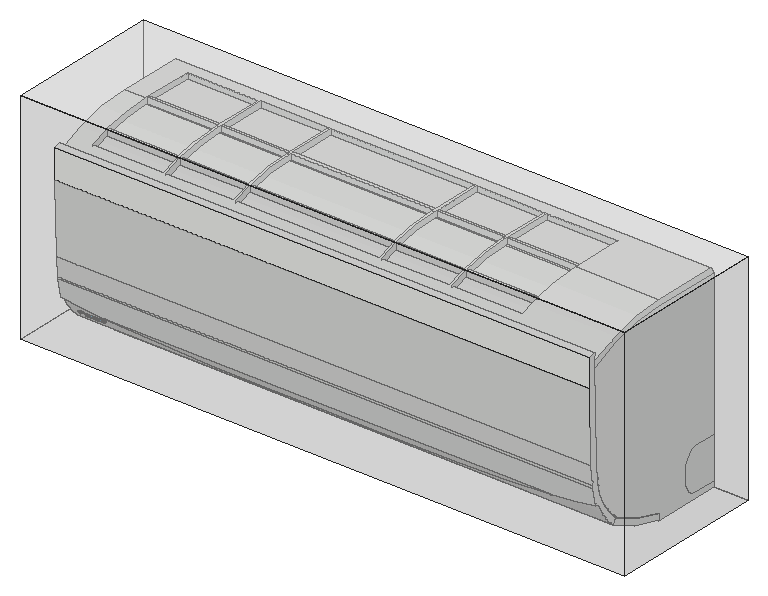
Revit family "outputfile", category 機械設備, Revit 2024
Family settings
  丸型コネクタ寸法 = 半径を使用
  パーツ タイプ = 標準
  OmniClass 番号 = 23.75.10.24.21.27.27
  OmniClass タイトル = Split System Air Conditioning Units
  作業面ベース = いいえ
  常に垂直 = はい
  ロード時にボイドで切り取り = いいえ
  注釈の向きを維持 = いいえ
  共有 = いいえ
  部屋計算ポイント = いいえ
Parameters (values of type "CTKC25RVMV")
  Description = ""
  書き出し IFC クラス(タイプ) = "IfcUnitaryEquipmentType"
  定義済み IFC タイプ(タイプ) = "AIRCONDITIONINGUNIT"
  Cost = 0
  Type Comments = ""
  Keynote = ""
  Type Image = (empty or 0)
  Assembly Code = ""
  w_wall hole = if(Width = 770.0 mm, 48.0 mm, 60.0 mm)  # 48.0 mm
  製造元 = "Daikin"
  モデル = "CTKC25RVMV"
  switch_frequency = yes
  r_Liquid Pipe Size = Liquid Pipe Size / 2  # 3.2 mm
  r_Gas Pipe Size = Gas Pipe Size / 2  # 4.75 mm
  r_Drain Pipe Size = Drain Pipe Size / 2  # 8.0 mm
  lw_powersupply [instance] = if(Width = 770.0 mm, if(or(Rear Right Connection_refrigerant, Bottom Right Connection_refrigerant), 25.0 mm, if(or(Rear Left Connection_refrigerant, Bottom Left Connection_refrigerant), 745.0 mm, 400.0 mm)), if(Width = 990.0 mm, if(or(Rear Right Connection_refrigerant, Bottom Right Connection_refrigerant), 40.0 mm, if(or(Rear Left Connection_refrigerant, Bottom Left Connection_refrigerant), 920.0 mm, 400.0 mm)), if(or(Rear Right Connection_refrigerant, Bottom Right Connection_refrigerant), 40.0 mm, if(or(Rear Left Connection_refrigerant, Bottom Left Connection_refrigerant), 920.0 mm, 400.0 mm))))  # 400.0 mm
  lw_liquidpipe [instance] = if(Width = 770.0 mm, if(or(Rear Right Connection_refrigerant, Bottom Right Connection_refrigerant), 0.0 mm, if(or(Rear Left Connection_refrigerant, Bottom Left Connection_refrigerant), 664.0 mm, 385.0 mm)), if(Width = 990.0 mm, if(or(Rear Right Connection_refrigerant, Bottom Right Connection_refrigerant), 0.0 mm, if(or(Rear Left Connection_refrigerant, Bottom Left Connection_refrigerant), 664.0 mm + (990.0 mm - 770.0 mm), 475.0 mm)), if(or(Rear Right Connection_refrigerant, Bottom Right Connection_refrigerant), 0.0 mm, if(or(Rear Left Connection_refrigerant, Bottom Left Connection_refrigerant), 664.0 mm + (990.0 mm - 770.0 mm), 475.0 mm))))  # 385.0 mm
  lw_gaspipe [instance] = if(Width = 770.0 mm, if(or(Rear Right Connection_refrigerant, Bottom Right Connection_refrigerant), 0.0 mm, if(or(Rear Left Connection_refrigerant, Bottom Left Connection_refrigerant), 675.0 mm, if(Gas Pipe Size = 12.7 mm, 345.0 mm, 335.0 mm))), if(Width = 990.0 mm, if(or(Rear Right Connection_refrigerant, Bottom Right Connection_refrigerant), 10.0 mm, if(or(Rear Left Connection_refrigerant, Bottom Left Connection_refrigerant), 890.0 mm, if(Gas Pipe Size = 15.9 mm, 410.0 mm, 400.0 mm))), if(or(Rear Right Connection_refrigerant, Bottom Right Connection_refrigerant), 10.0 mm, if(or(Rear Left Connection_refrigerant, Bottom Left Connection_refrigerant), 890.0 mm, if(Gas Pipe Size = 15.9 mm, 410.0 mm, 400.0 mm)))))  # 335.0 mm
  lw_drainpipe [instance] = if(Width = 770.0 mm, if(or(Rear Right Connection_refrigerant, Bottom Right Connection_refrigerant), 0.0 mm, if(or(Rear Left Connection_refrigerant, Bottom Left Connection_refrigerant), 770.0 mm - 48.0 mm - 48.0 mm, 440.0 mm)), if(Width = 990.0 mm, if(or(Rear Right Connection_refrigerant, Bottom Right Connection_refrigerant), 0.0 mm, if(or(Rear Left Connection_refrigerant, Bottom Left Connection_refrigerant), 675.0 mm + (990.0 mm - 770.0 mm), 435.0 mm)), if(or(Rear Right Connection_refrigerant, Bottom Right Connection_refrigerant), 0.0 mm, if(or(Rear Left Connection_refrigerant, Bottom Left Connection_refrigerant), 675.0 mm + (990.0 mm - 770.0 mm), 435.0 mm))))  # 440.0 mm
  l_powersupply_length [instance] = if(Width = 770.0 mm, if(Right Connection_refrigerant, 400.0 mm, if(Left Connection_refrigerant, 770.0 mm - 400.0 mm, if(or(Rear Left Connection_refrigerant, Rear Right Connection_refrigerant), 15.0 mm, 50.0 mm))), if(Width = 990.0 mm, if(Right Connection_refrigerant, 400.0 mm, if(Left Connection_refrigerant, 990.0 mm - 400.0 mm, if(or(Rear Left Connection_refrigerant, Rear Right Connection_refrigerant), 15.0 mm, 50.0 mm))), if(Right Connection_refrigerant, 400.0 mm, if(Left Connection_refrigerant, 990.0 mm - 400.0 mm, if(or(Rear Left Connection_refrigerant, Rear Right Connection_refrigerant), 15.0 mm, 50.0 mm)))))  # 400.0 mm
  l_liquidpipe_length [instance] = if(Width = 770.0 mm, if(Right Connection_refrigerant, 433.0 mm, if(Left Connection_refrigerant, 337.0 mm, if(or(Rear Left Connection_refrigerant, Rear Right Connection_refrigerant), 30.0 mm, 40.0 mm))), if(Width = 990.0 mm, if(Right Connection_refrigerant, 535.0 mm, if(Left Connection_refrigerant, 455.0 mm, if(or(Rear Left Connection_refrigerant, Rear Right Connection_refrigerant), 30.0 mm, 40.0 mm))), if(Right Connection_refrigerant, 535.0 mm, if(Left Connection_refrigerant, 455.0 mm, if(or(Rear Left Connection_refrigerant, Rear Right Connection_refrigerant), 30.0 mm, 40.0 mm)))))  # 433.0 mm
  l_gaspipe_length [instance] = if(Width = 770.0 mm, if(Right Connection_refrigerant, if(Gas Pipe Size = 12.7 mm, 393.0 mm, 383.0 mm), if(Left Connection_refrigerant, if(Gas Pipe Size = 12.7 mm, 770.0 mm - 393.0 mm, 770.0 mm - 383.0 mm), if(or(Rear Left Connection_refrigerant, Rear Right Connection_refrigerant), 40.0 mm, 50.0 mm))), if(Width = 990.0 mm, if(Right Connection_refrigerant, if(Gas Pipe Size = 15.9 mm, 470.0 mm, 460.0 mm), if(Left Connection_refrigerant, if(Gas Pipe Size = 15.9 mm, 990.0 mm - 470.0 mm, 990.0 mm - 460.0 mm), if(or(Rear Left Connection_refrigerant, Rear Right Connection_refrigerant), 40.0 mm, 50.0 mm))), if(Right Connection_refrigerant, if(Gas Pipe Size = 15.9 mm, 470.0 mm, 460.0 mm), if(Left Connection_refrigerant, if(Gas Pipe Size = 15.9 mm, 990.0 mm - 470.0 mm, 990.0 mm - 460.0 mm), if(or(Rear Left Connection_refrigerant, Rear Right Connection_refrigerant), 40.0 mm, 50.0 mm)))))  # 383.0 mm
  l_drainpipe_length [instance] = if(Width = 770.0 mm, if(Right Connection_refrigerant, 488.0 mm, if(Left Connection_refrigerant, 282.0 mm, if(or(Rear Left Connection_refrigerant, Rear Right Connection_refrigerant), 15.0 mm, 20.0 mm))), if(Width = 990.0 mm, if(Right Connection_refrigerant, 495.0 mm, if(Left Connection_refrigerant, 495.0 mm, if(or(Rear Left Connection_refrigerant, Rear Right Connection_refrigerant), 15.0 mm, 20.0 mm))), if(Right Connection_refrigerant, 495.0 mm, if(Left Connection_refrigerant, 495.0 mm, if(or(Rear Left Connection_refrigerant, Rear Right Connection_refrigerant), 15.0 mm, 20.0 mm)))))  # 488.0 mm
  h*** = 0.0 mm  # constant formula
  connector_voltage = Voltage_50Hz  # 230 V
  connector_powerinput = [Power Input (Cooling)]  # 0.000 kW
  connector_phase = Phase_50Hz  # 1
  angle_vertical [instance] = if(or(Bottom Left Connection_refrigerant, Bottom Right Connection_refrigerant), 0.00°, 90.00°)  # 90.00°
  angle_horizontal [instance] = if(Right Connection_refrigerant, 90.00°, if(Left Connection_refrigerant, -90.00°, if(or(Rear Left Connection_refrigerant, Rear Right Connection_refrigerant), 180.00°, 0.00°)))  # 90.00°
  Width = 770.0 mm
  Voltage_comment_50Hz = "220 - 240"
  Voltage_50Hz = 230 V
  Version = "ver.1.0"
  Unit Type = "Wall Mounted"
  Unit Mass Weight = 9.00 kg
  Unit Designation [instance] = ""
  Uniclass2015Version = "Products v1.30"
  Uniclass2015Title = "Split coil room air conditioning units"
  Uniclass2015Code = "Pr_70_65_03_86"
  URL = ""
  Total Cooling Capacity [instance] = 0.000 kW
  Sound Pressure Level_M speed (dBA) = 33
  Sound Pressure Level_L speed (dBA) = 25
  Sound Pressure Level_H speed (dBA) = 38
  Sound Power Level_H speed (dB) = 0
  Series = "Multi Split_Fan Coil Unit"
  Sensible Cooling Capacity [instance] = 0.000 kW
  Refrigerant Type = "R32"
  Power Input (Cooling) = 0.000 kW
  Phase_50Hz = 1
  Option Accessory 3 [instance] = ""
  Option Accessory 2 [instance] = ""
  Option Accessory 1 [instance] = ""
  Nominal Cooling Capacity = 2.500 kW
  Minimum Circuit Amps_50Hz = 0.0 A
  Minimum Airflow = 396.00 m³/h
  Median Airflow = 540.00 m³/h
  Maximum Fuse Amps_50Hz = 0.0 A
  Maximum Airflow = 660.00 m³/h
  Material_Casing = DAIKIN_White_Casing_indoorunit
  Load Classification = HVAC
  Liquid Pipe Size = 6.4 mm
  Link_Nested Family [instance] = ""
  IfcVersion = ""
  IfcExportType = "AIRCONDITIONINGUNIT"
  IfcExportAs = "IfcUnitaryEquipmentType"
  Height = 285.0 mm
  Heat Exchanger Type = "Cross Fin Coil"
  Gas Pipe Size = 9.5 mm
  Frequency_50Hz = 50 Hz
  Fan Type = "Cross Flow Fan"
  Fan Drive = "Direct Drive"
  FCU Tag No. [instance] = ""
  Drain Pipe Size = 16.0 mm
  Design Supply Airflow [instance] = 0.00 m³/h
  Depth = 223.0 mm
  既定の高さ = 0.0 mm
  Cooling Entering Wet Bulb Temperature [instance] = 0.00 °C
  Cooling Entering Dry Bulb Temperature [instance] = 0.00 °C
  Cooling Ambient Wet Bulb Temperature [instance] = 0.00 °C
  Cooling Ambient Dry Bulb Temperature [instance] = 0.00 °C
  Clearance visibility [instance] = yes
  Clearance Top = 30.0 mm
  Clearance Right = 50.0 mm
  Clearance Rear = 0.0 mm
  Clearance Left = 50.0 mm
  Clearance Front = 0.0 mm
  Clearance Bottom = 0.0 mm
  Bottom Right Connection_refrigerant [instance] = no
  Bottom Left Connection_refrigerant [instance] = no
  Rear Right Connection_refrigerant [instance] = no
  Rear Left Connection_refrigerant [instance] = no
  Right Connection_refrigerant [instance] = yes
  Left Connection_refrigerant [instance] = no
Reference planes
  plane 1 "Back": y = 0
  plane 2: z = 0
  plane 3 "Center (Left/Right)": x = 0
  plane 4 "Center (Front/Back)": y = -111.5
  plane 5 "Front": y = -223
  plane 6 "Left": x = -385
  plane 7 "Right": x = 385
  plane 8 "Top": z = 0
  plane 9 "Bottom": z = -285
  plane 10: x = -435
  plane 11: x = 435
  plane 12: y = 0
  plane 13: y = -223
  plane 14: z = 30
  plane 15: z = -285
  plane 16 "lw_Piping and Wiring intake": x = 337
  plane 17 "lw_gaspipe": x = 2
  plane 18 "lw_liquidpipe": x = -48
  plane 19 "lw_drainpipe": x = -103
  plane 20 "lh_drainpipe": z = -265
  plane 21 "lh_liquidpipe": z = -245
  plane 22 "lh_gaspipe": z = -235
  plane 23 "ld_drainpipe": y = -15
  plane 24 "ld_liquidpipe": y = -30
  plane 25 "ld_gaspipe": y = -40
  plane 26 "lw_powersupply": x = -15
Dimensions and locks
  equal spacing: plane 6 "Left", plane 3 "Center (Left/Right)", plane 7 "Right"
  "Width": plane 6 "Left" to plane 7 "Right"
  equal spacing: plane 5 "Front", plane 4 "Center (Front/Back)", plane 1 "Back"
  "Depth": plane 5 "Front" to plane 1 "Back"
  "Height": plane 8 "Top" to plane 9 "Bottom"
  "Clearance Rear": plane 12 to plane 1 "Back"
  "Clearance Front": plane 13 to plane 5 "Front"
  "Clearance Top": plane 14 to plane 8 "Top"
  "Clearance Bottom": plane 9 "Bottom" to plane 15
  "w_wall hole": plane 16 "lw_Piping and Wiring intake" to plane 7 "Right"
  "lw_gaspipe": plane 17 "lw_gaspipe" to plane 16 "lw_Piping and Wiring intake"
  "lw_liquidpipe": plane 18 "lw_liquidpipe" to plane 16 "lw_Piping and Wiring intake"
  "lw_drainpipe": plane 19 "lw_drainpipe" to plane 16 "lw_Piping and Wiring intake"
  locked: plane 20 "lh_drainpipe" to plane 9 "Bottom" at 20
  locked: plane 21 "lh_liquidpipe" to plane 9 "Bottom" at 40
  locked: plane 22 "lh_gaspipe" to plane 9 "Bottom" at 50
  locked: plane 23 "ld_drainpipe" to plane 1 "Back" at 15
  locked: plane 1 "Back" to plane 24 "ld_liquidpipe" at 30
  locked: plane 1 "Back" to plane 25 "ld_gaspipe" at 40
  "lw_powersupply": plane 26 "lw_powersupply" to plane 7 "Right"
  "Clearance Right": plane 7 "Right" to plane 11
  "Clearance Left": plane 10 to plane 6 "Left"
  aligned and locked: level to plane 2
  aligned and locked: plane 12 to nested 1
  aligned and locked: nested 1 to plane 13
  aligned and locked: plane 10 to nested 1
  aligned and locked: plane 11 to nested 1
  aligned and locked: plane 15 to nested 1
  aligned and locked: plane 14 to nested 1
  aligned and locked: plane 17 "lw_gaspipe" to nested 2
  aligned and locked: nested 2 to plane 25 "ld_gaspipe"
  aligned and locked: plane 18 "lw_liquidpipe" to nested 3
  aligned and locked: nested 3 to plane 24 "ld_liquidpipe"
  aligned and locked: plane 19 "lw_drainpipe" to nested 4
  aligned and locked: nested 4 to plane 23 "ld_drainpipe"
  aligned and locked: nested 5 to plane 23 "ld_drainpipe"
  aligned and locked: plane 26 "lw_powersupply" to nested 5
  aligned and locked: level to plane 8 "Top"
  aligned and locked: plane 3 "Center (Left/Right)" to nested 6
  aligned and locked: plane 1 "Back" to nested 6
  aligned and locked: plane 8 "Top" to nested 6
Nested families
  nested 1: "daikin_clearancespace" at (0, -111.5, -127.381), show <- "Clearance visibility", visible <- "Clearance visibility", Link_Nested Family <- "Link_Nested Family", type "daikin_clearancespace"
    with width 870.0 mm, show yes, height 315.0 mm, depth 223.0 mm, Link_Nested Family ""
  nested 2: "daikin_connector_rotate3" at (2, -40, -235), angle_vertical <- "angle_vertical", angle_horizontal <- "angle_horizontal", length <- "l_gaspipe_length", radius <- "r_Gas Pipe Size", type "daikin_connector_rotate3"
    with show no, radius 4.75 mm, length 383.0 mm, angle_vertical 90.00°, angle_horizontal 90.00°
  nested 3: "daikin_connector_rotate3" at (-48, -30, -245), angle_vertical <- "angle_vertical", angle_horizontal <- "angle_horizontal", radius <- "r_Liquid Pipe Size", length <- "l_liquidpipe_length", type "daikin_connector_rotate3"
    with show no, radius 3.2 mm, length 433.0 mm, angle_vertical 90.00°, angle_horizontal 90.00°
  nested 4: "daikin_connector_rotate3" at (-103, -15, -265), angle_vertical <- "angle_vertical", angle_horizontal <- "angle_horizontal", length <- "l_drainpipe_length", radius <- "r_Drain Pipe Size", type "daikin_connector_rotate3"
    with show no, radius 8.0 mm, length 488.0 mm, angle_vertical 90.00°, angle_horizontal 90.00°
  nested 5: "daikin_connector_rotate3" at (-15, -15, -235), angle_vertical <- "angle_vertical", angle_horizontal <- "angle_horizontal", length <- "l_powersupply_length", type "daikin_connector_rotate3"
    with show no, radius 10.0 mm, length 400.0 mm, angle_vertical 90.00°, angle_horizontal 90.00°
  nested 6: "DAIKIN_indoorunit_CTKC-RVMV" at (-31, 0, 0), type "CTKC-RVMV"
Connectors
  piping at (385, -40, -235), diameter 9.5, driven by "r_Gas Pipe Size"
    settings: on nested 2, index 1, connector inside diameter 609.6 mm, connector length 0.0 mm, flow factor 0, pipe flow 0.00 m³/h, pressure drop 0.0 Pa, fitting loss kfactor 0, connector angle 0.00°, fixture units 0, engagement length 0.0 mm, angle of deflection 0.00°, flow configuration 1, flow direction 2, fitting loss method 0, system type 29, joint type 0, gender type 0, connector reference index -1, connector utility 0, adjustable connector no, is connector primary yes, connector description "Refrigerant Gas Piping"
  piping at (385, -30, -245), diameter 6.4, driven by "r_Liquid Pipe Size"
    settings: on nested 3, index 2, connector inside diameter 609.6 mm, connector length 0.0 mm, flow factor 0, pipe flow 0.00 m³/h, pressure drop 0.0 Pa, fitting loss kfactor 0, connector angle 0.00°, fixture units 0, engagement length 0.0 mm, angle of deflection 0.00°, flow configuration 1, flow direction 1, fitting loss method 0, system type 29, joint type 0, gender type 0, connector reference index -1, connector utility 0, adjustable connector no, is connector primary no, connector description "Refrigerant Liquid Piping"
  piping at (385, -15, -265), diameter 16, driven by "r_Drain Pipe Size"
    settings: on nested 4, index 3, connector inside diameter 609.6 mm, connector length 0.0 mm, flow factor 0, pipe flow 0.00 m³/h, pressure drop 0.0 Pa, fitting loss kfactor 0, connector angle 0.00°, fixture units 0, engagement length 0.0 mm, angle of deflection 0.00°, flow configuration 1, flow direction 2, fitting loss method 4, system type 16, joint type 0, gender type 0, connector reference index -1, connector utility 0, adjustable connector no, is connector primary no, connector description "Condensate Drain Piping"
  electrical at (385, -15, -235), driven by "Load Classification", driven by "connector_phase", driven by "connector_voltage", driven by "connector_powerinput"
    settings: on nested 5, index 4, voltage 230 V, apparent load 0 VA, apparent load phase1 0 VA, apparent load phase2 0 VA, apparent load phase3 0 VA, power factor 1, load classification "HVAC", number of poles 1, system type 30, power factor state 1, is connector primary yes, connector utility no, sub classification motor no, connector description "Power Supply"
Definition of nested family "daikin_clearancespace"
  Parameters (values of type "daikin_clearancespace")
    Description = "daikin_clearancespace"
    width [instance] = 1823.963 mm
    show [instance] = yes
    material = none
    height [instance] = 1359.762 mm
    depth [instance] = 880.0 mm
    Default Elevation = 0.0 mm
    Link_Nested Family [instance] = ""
  Reference planes
    plane 1 "Center (Front/Back)": y = 0
    plane 2 "Center (Elevation)": z = -0.119
    plane 3 "Center (Left/Right)": x = 0
    plane 4: y = 440
    plane 5: y = -440
    plane 6 "Right": x = 911.982
    plane 7 "Left": x = -911.982
    plane 8 "Top": z = 679.762
    plane 9 "Bottom": z = -680
  Forms (mm)
    Extrusion 1, solid, material <- "material", visible <- "show"
      sketch origin (0, 0, 0) x (1, 0, 0) y (0, 1, 0)
        loop
          line (-911.982, 440) -> (-911.982, -440) -> (911.982, -440) -> (911.982, 440) -> (-911.982, 440)
      from -680 to 679.762
  Lines and regions (mm)
    symbolic lines, visible <- "show"
      curve 1: line (911.982, 440, 0) -> (-911.982, 440, 0)
      curve 2: line (-911.982, 440, 0) -> (-911.982, -440, 0)
      curve 3: line (-911.982, -440, 0) -> (911.982, -440, 0)
      curve 4: line (911.982, -440, 0) -> (911.982, 440, 0)
      curve 5: line (911.982, 0, 679.762) -> (-911.982, 0, 679.762)
      curve 6: line (911.982, 0, -680) -> (911.982, 0, 679.762)
      curve 7: line (-911.982, 0, -680) -> (911.982, 0, -680)
      curve 8: line (-911.982, 0, 679.762) -> (-911.982, 0, -680)
      curve 9: line (0, 440, 679.762) -> (0, -440, 679.762)
      curve 10: line (0, -440, 679.762) -> (0, -440, -680)
      curve 11: line (0, 440, -680) -> (0, 440, 679.762)
      curve 12: line (0, -440, -680) -> (0, 440, -680)
  Dimensions and locks
    "width": plane 7 "Left" to plane 6 "Right"
    "depth": plane 4 to plane 5
    "height": plane 8 "Top" to plane 9 "Bottom"
    equal spacing: plane 7 "Left", plane 3 "Center (Left/Right)", plane 6 "Right"
    equal spacing: plane 4, plane 1 "Center (Front/Back)", plane 5
    equal spacing: plane 8 "Top", plane 2 "Center (Elevation)", plane 9 "Bottom"
    aligned and locked: level to plane 2 "Center (Elevation)"
    aligned and locked: Extrusion 1 sketch curve to plane 4
    aligned and locked: plane 7 "Left" to Extrusion 1 sketch curve
    aligned and locked: Extrusion 1 sketch curve to plane 5
    aligned and locked: Extrusion 1 sketch curve to plane 6 "Right"
    aligned and locked: plane 8 "Top" to Extrusion 1
    aligned and locked: curve 1 to Extrusion 1
    aligned and locked: curve 2 to Extrusion 1
    aligned and locked: curve 3 to Extrusion 1
    aligned and locked: curve 4 to Extrusion 1
    aligned and locked: curve 5 to Extrusion 1
    aligned and locked: curve 6 to Extrusion 1
    aligned and locked: curve 7 to Extrusion 1
    aligned and locked: curve 8 to Extrusion 1
    aligned and locked: curve 9 to Extrusion 1
    aligned and locked: curve 10 to Extrusion 1
    aligned and locked: curve 11 to Extrusion 1
    aligned and locked: curve 12 to Extrusion 1
    aligned and locked: Extrusion 1 to plane 9 "Bottom"
Definition of nested family "DAIKIN_indoorunit_CTKC-RVMV"
  Parameters (values of type "FTKM-QVMA")
    Material_Casing = none
    Default Elevation = 0.0 mm
  Reference planes
    plane 1 "Center (Front/Back)": y = 0
    plane 2 "reference_level": z = 0
    plane 3 "Center (Left/Right)": x = 31
    plane 4: x = -354
    plane 5: x = 416
    plane 6: z = -285
  Forms (mm)
    Extrusion 1, solid, material <- "Material_Casing"
      sketch origin (29, 0, 0) x (0, 1, 0) y (0, 0, 1)
        loop
          line (-5, 0) -> (-98, 0)
          arc (-98, 0) -> (-157.611, -7.211) -> (-213.783, -28.427) r 250
          arc (-213.783, -28.427) -> (-213.842, -32.972) -> (-213.892, -37.516) r 2191
          arc (-213.892, -37.516) -> (-157.832, -15.495) -> (-98.07, -8) r 242
          line (-98.07, -8) -> (0, -8) -> (-5, 0)
      from -383 to 387
    Extrusion 2, solid, material <- "Material_Casing"
      sketch origin (416, 1296.25, 1200) x (0, 1, 0) y (0, 0, 1)
        loop
          line (-1472.998, -1446.91) -> (-1476.998, -1453.839)
          arc (-1476.998, -1453.839) -> (-1437.481, -1472.422) -> (-1395.25, -1483.538) r 240
          line (-1395.25, -1483.538) -> (-1395.25, -1475.422)
          arc (-1395.25, -1475.422) -> (-1435.407, -1464.663) -> (-1472.998, -1446.91) r 232
      from 0 to -47.5
    Extrusion 3, solid, material <- "Material_Casing"
      sketch origin (29, 0, 0) x (0, 1, 0) y (0, 0, 1)
        loop
          arc (-223, -60.455) -> (-222.414, -110.646) -> (-220.656, -160.81) r 2149.92
          arc (-220.656, -160.81) -> (-219.65, -174.299) -> (-217.853, -187.706) r 229.911
          arc (-217.853, -187.706) -> (-205.371, -223.594) -> (-181.517, -253.17) r 111
          line (-181.517, -253.17) -> (-177.429, -246.093)
          arc (-177.429, -246.093) -> (-198.77, -218.989) -> (-209.965, -186.36) r 103
          arc (-209.965, -186.36) -> (-211.681, -173.586) -> (-212.651, -160.735) r 221.844
          arc (-212.651, -160.735) -> (-214.739, -93.233) -> (-214.74, -25.699) r 2186.828
          arc (-214.74, -25.699) -> (-214.671, -21.467) -> (-214.594, -17.235) r 2192
          line (-214.594, -17.235) -> (-223, -19.961) -> (-223, -60.455)
      from -383 to 387
    Extrusion 4, solid, material <- "Material_Casing"
      sketch origin (29, 0, 0) x (0, 1, 0) y (0, 0, 1)
        loop
          line (-181.517, -253.17) -> (-179.597, -249.846)
          arc (-179.597, -249.846) -> (-202.009, -221.399) -> (-213.189, -186.952) r 103
          line (-213.189, -186.952) -> (-217.853, -187.706)
          arc (-217.853, -187.706) -> (-217.533, -189.556) -> (-217.182, -191.4) r 111
          arc (-217.182, -191.4) -> (-213.806, -208.181) -> (-210.362, -224.948) r 4257.809
          arc (-210.362, -224.948) -> (-198.886, -237.857) -> (-186.225, -249.607) r 180
          line (-186.225, -249.607) -> (-181.517, -253.17)
      from -383 to 387
    Extrusion 5, solid, material <- "Material_Casing"
      sketch origin (29, 0, -20) x (0, 1, 0) y (0, 0, 1)
        loop
          line (0, -265) -> (0, 12) -> (-98.07, 12)
          arc (-98.07, 12) -> (-157.832, 4.505) -> (-213.892, -17.516) r 242
          arc (-213.892, -17.516) -> (-213.638, -79.114) -> (-211.653, -140.681) r 2191
          arc (-211.653, -140.681) -> (-210.685, -153.501) -> (-208.973, -166.243) r 221
          arc (-208.973, -166.243) -> (-197.471, -199.282) -> (-175.482, -226.491) r 102
          arc (-175.482, -226.491) -> (-138.004, -244.019) -> (-98, -254.579) r 231
          line (-98, -254.579) -> (-98, -265) -> (0, -265)
      from -383 to 387
    Extrusion 6, solid, material <- "Material_Casing"
      sketch origin (-354, 1296.25, 1200) x (0, 1, 0) y (0, 0, 1)
        loop
          line (-1472.998, -1446.91) -> (-1476.998, -1453.839)
          arc (-1476.998, -1453.839) -> (-1437.481, -1472.422) -> (-1395.25, -1483.538) r 240
          line (-1395.25, -1483.538) -> (-1395.25, -1475.422)
          arc (-1395.25, -1475.422) -> (-1435.407, -1464.663) -> (-1472.998, -1446.91) r 232
      from 47 to 0
    Extrusion 7, solid, material <- "Material_Casing"
      sketch origin (416, 1296.25, 1200) x (0, 1, 0) y (0, 0, 1)
        loop
          line (-1472.998, -1446.91) -> (-1476.998, -1453.839)
          arc (-1476.998, -1453.839) -> (-1443.437, -1470.168) -> (-1407.75, -1481.097) r 240
          line (-1407.75, -1481.097) -> (-1407.75, -1472.894)
          arc (-1407.75, -1472.894) -> (-1441.363, -1462.385) -> (-1472.998, -1446.91) r 232
      from -116.993 to -48.493
    Extrusion 8, solid, material <- "Material_Casing"
      sketch origin (416, 1296.25, 1200) x (0, 1, 0) y (0, 0, 1)
        loop
          line (-1472.998, -1446.91) -> (-1476.998, -1453.839)
          arc (-1476.998, -1453.839) -> (-1443.437, -1470.168) -> (-1407.75, -1481.097) r 240
          line (-1407.75, -1481.097) -> (-1407.75, -1472.894)
          arc (-1407.75, -1472.894) -> (-1441.363, -1462.385) -> (-1472.998, -1446.91) r 232
      from -717 to -121.993
    Extrusion 9, void
      sketch origin (31, 0, -235) x (1, 0, 0) y (0, 1, 0)
        loop
          line (-252.674, -22.316) -> (-354.941, -22.316) -> (-354.941, -91.341) -> (-252.674, -91.341) -> (-252.674, -22.316)
        loop
          line (-249.341, -91.341) -> (-151.574, -91.341) -> (-151.574, -22.316) -> (-249.341, -22.316) -> (-249.341, -91.341)
        loop
          line (58.309, -22.316) -> (-148.309, -22.316) -> (-148.309, -91.341) -> (58.309, -91.341) -> (58.309, -22.316)
        loop
          line (61.689, -22.316) -> (61.689, -91.341) -> (159.457, -91.341) -> (159.457, -22.316) -> (61.689, -22.316)
        loop
          line (162.789, -22.316) -> (162.789, -91.341) -> (265.057, -91.341) -> (265.057, -22.316) -> (162.789, -22.316)
        loop
          line (-354.941, -94.659) -> (-354.941, -165.259) -> (-252.674, -165.259) -> (-252.674, -94.659) -> (-354.941, -94.659)
        loop
          line (-249.341, -94.659) -> (-249.341, -165.259) -> (-151.574, -165.259) -> (-151.574, -94.659) -> (-249.341, -94.659)
        loop
          line (-148.309, -94.659) -> (-148.309, -165.259) -> (58.309, -165.259) -> (58.309, -94.659) -> (-148.309, -94.659)
        loop
          line (61.689, -94.659) -> (61.689, -165.259) -> (159.457, -165.259) -> (159.457, -94.659) -> (61.689, -94.659)
        loop
          line (162.789, -94.659) -> (162.789, -165.259) -> (265.057, -165.259) -> (265.057, -94.659) -> (162.789, -94.659)
        loop
          line (-354.941, -167.382) -> (-354.941, -192.681) -> (-252.674, -192.681) -> (-252.674, -167.382) -> (-354.941, -167.382)
        loop
          line (-249.341, -167.382) -> (-249.341, -192.681) -> (-151.574, -192.681) -> (-151.574, -167.382) -> (-249.341, -167.382)
        loop
          line (-148.309, -167.382) -> (-148.309, -192.681) -> (58.309, -192.681) -> (58.309, -167.382) -> (-148.309, -167.382)
        loop
          line (159.457, -167.382) -> (61.689, -167.382) -> (61.689, -192.681) -> (159.457, -192.681) -> (159.457, -167.382)
        loop
          line (265.057, -167.382) -> (162.789, -167.382) -> (162.789, -192.681) -> (265.057, -192.681) -> (265.057, -167.382)
      from 201.638 to 250
    Extrusion 10, void
      sketch origin (31, 0, 0) x (1, 0, 0) y (0, 0, 1)
        loop
          arc (597, -174.907) -> (0.056, -245.263) -> (-597, -175.856) r 2585.042
          line (-597, -175.856) -> (-597, -352.872) -> (597, -352.872) -> (597, -174.907)
      from 173 to 315.3
    Extrusion 11, solid, material <- "Material_Casing"
      sketch origin (31, 0, 0) x (1, 0, 0) y (0, 0, 1)
        loop
          circle (337, -240.5) r 32.5
        loop
          circle (-337, -240.5) r 32.5
      from 0 to 5
    Extrusion 12, solid, material <- "Material_Casing"
      sketch origin (416, 1296.25, 1200) x (0, -1, 0) y (0, 0, 1)
        loop
          line (1326.25, -1417) -> (1296.25, -1417) -> (1296.25, -1477) -> (1326.25, -1477)
          arc (1326.25, -1477) -> (1340.393, -1471.142) -> (1346.25, -1457) r 20
          line (1346.25, -1457) -> (1346.25, -1437)
          arc (1346.25, -1437) -> (1340.393, -1422.858) -> (1326.25, -1417) r 20
      from 0 to 5
    Extrusion 13, solid, material <- "Material_Casing"
      sketch origin (-354, 1296.25, 1200) x (0, 1, 0) y (0, 0, 1)
        loop
          line (-1296.25, -1417) -> (-1326.25, -1417)
          arc (-1326.25, -1417) -> (-1340.393, -1422.858) -> (-1346.25, -1437) r 20
          line (-1346.25, -1437) -> (-1346.25, -1457)
          arc (-1346.25, -1457) -> (-1340.393, -1471.142) -> (-1326.25, -1477) r 20
          line (-1326.25, -1477) -> (-1296.25, -1477) -> (-1296.25, -1417)
      from 0 to 5
    Extrusion 14, solid, material <- "Material_Casing"
      sketch origin (31, 0, -285) x (-1, 0, 0) y (0, -1, 0)
        loop
          line (-314, 0) -> (-314, 30)
          arc (-314, 30) -> (-319.858, 44.142) -> (-334, 50) r 20
          line (-334, 50) -> (-354, 50)
          arc (-354, 50) -> (-368.142, 44.142) -> (-374, 30) r 20
          line (-374, 30) -> (-374, 0) -> (-314, 0)
        loop
          line (374, 0) -> (374, 30)
          arc (374, 30) -> (368.142, 44.142) -> (354, 50) r 20
          line (354, 50) -> (334, 50)
          arc (334, 50) -> (319.858, 44.142) -> (314, 30) r 20
          line (314, 30) -> (314, 0) -> (374, 0)
      from 0 to 5
  Cuts and joins
    Extrusion 9 cuts Extrusion 1
    Extrusion 10 cuts Extrusion 4
    joined: Extrusion 3, Extrusion 4
  Lines and regions (mm)
    reference lines
      curve 1: line (-523, -201.911, -229.404) -> (-523, -193.542, -239.977)
  Dimensions and locks
    locked: Extrusion 10 sketch curve to Extrusion 10 sketch curve at 1194
    Extrusion 10 sketch curve to Extrusion 10 sketch curve = 1194.0 mm
    locked: Extrusion 12 sketch curve to Extrusion 12 sketch curve at 60
    locked: Extrusion 12 sketch curve to Extrusion 12 sketch curve at 50
    locked: Extrusion 14 sketch curve to Extrusion 14 sketch curve at 60  (x2)
    locked: Extrusion 14 sketch curve to Extrusion 14 sketch curve at 50
    equal spacing: plane 5, plane 3 "Center (Left/Right)", plane 4
    plane 5 to plane 4 = 770.0 mm
    locked: Extrusion 11 sketch curve to plane 4 at 48
    plane 5 to Extrusion 11 sketch curve = 48.0 mm
    plane 2 "reference_level" to plane 6 = 285.0 mm
    locked: Extrusion 11 sketch curve to plane 6 at 44.5  (x2)
    locked: cut or joined group of Extrusion 3, Extrusion 4, Extrusion 10 to nested 1 at 15
    diameter of Extrusion 11 sketch curve = 65.0 mm  (x2)
    aligned and locked: level to plane 2 "reference_level"
    aligned and locked: nested 1 to curve 1
    aligned and locked: Extrusion 13 sketch curve to Extrusion 12  (x4)
    aligned and locked: Extrusion 14 sketch curve to Extrusion 14 sketch curve  (x2)
    aligned and locked: Extrusion 11 to plane 1 "Center (Front/Back)"
  Automatic sketch dimensions
    Extrusion 10 sketch curve to plane 3 "Center (Left/Right)" = 597.0 mm
    Extrusion 10 sketch curve to plane 3 "Center (Left/Right)" = 2.0 mm
    Extrusion 10 sketch curve to level = 352.872 mm
    Extrusion 10 sketch curve to level = 175.856 mm
    Extrusion 10 sketch curve to level = 174.907 mm
    curve 1 to level = 239.977 mm
    plane 1 "Center (Front/Back)" to curve 1 = 193.542 mm
    curve 1 to curve 1 = 10.573 mm
    curve 1 to curve 1 = 8.368 mm
    Extrusion 1 sketch curve to level = 0.0 mm
    Extrusion 1 sketch curve to plane 1 "Center (Front/Back)" = 0.0 mm
    plane 1 "Center (Front/Back)" to Extrusion 1 sketch curve = 5.0 mm
    plane 1 "Center (Front/Back)" to Extrusion 1 sketch curve = 98.0 mm
    Extrusion 1 sketch curve to Extrusion 1 sketch curve = 0.07 mm
    Extrusion 1 sketch curve to level = 59.292 mm
    Extrusion 1 sketch curve to plane 1 "Center (Front/Back)" = 1977.0 mm
    Extrusion 1 sketch curve to level = 250.0 mm
    Extrusion 1 sketch curve to Extrusion 1 sketch curve = 0.0 mm
    Extrusion 1 sketch curve to level = 8.0 mm
    Extrusion 1 sketch curve to level = 28.427 mm
    plane 1 "Center (Front/Back)" to Extrusion 2 sketch curve = 180.748 mm
    Extrusion 2 sketch curve to Extrusion 2 sketch curve = 4.0 mm
    Extrusion 2 sketch curve to Extrusion 2 sketch curve = 77.747 mm
    plane 1 "Center (Front/Back)" to Extrusion 2 sketch curve = 59.279 mm
    Extrusion 2 sketch curve to Extrusion 2 sketch curve = 0.0 mm
    Extrusion 2 sketch curve to level = 283.538 mm
    Extrusion 2 sketch curve to Extrusion 2 sketch curve = 8.116 mm
    Extrusion 2 sketch curve to Extrusion 2 sketch curve = 21.583 mm
    Extrusion 2 sketch curve to Extrusion 2 sketch curve = 6.929 mm
    Extrusion 3 sketch curve to level = 19.961 mm
    plane 1 "Center (Front/Back)" to Extrusion 3 sketch curve = 223.0 mm
    Extrusion 3 sketch curve to level = 17.235 mm
    Extrusion 3 sketch curve to Extrusion 3 sketch curve = 8.406 mm
    plane 1 "Center (Front/Back)" to Extrusion 3 sketch curve = 181.517 mm
    Extrusion 3 sketch curve to Extrusion 3 sketch curve = 4.087 mm
    Extrusion 3 sketch curve to Extrusion 3 sketch curve = 69.11 mm
    Extrusion 3 sketch curve to Extrusion 3 sketch curve = 0.001 mm
    Extrusion 3 sketch curve to plane 1 "Center (Front/Back)" = 8.955 mm
    Extrusion 3 sketch curve to Extrusion 3 sketch curve = 0.067 mm
    Extrusion 3 sketch curve to level = 60.455 mm
    Extrusion 3 sketch curve to Extrusion 3 sketch curve = 1917.898 mm
    Extrusion 3 sketch curve to Extrusion 3 sketch curve = 44.907 mm
    Extrusion 3 sketch curve to Extrusion 3 sketch curve = 5.172 mm
    Extrusion 3 sketch curve to level = 150.456 mm
    Extrusion 3 sketch curve to Extrusion 3 sketch curve = 0.006 mm
    Extrusion 3 sketch curve to Extrusion 3 sketch curve = 19.265 mm
    Extrusion 3 sketch curve to Extrusion 3 sketch curve = 0.004 mm
    Extrusion 3 sketch curve to Extrusion 3 sketch curve = 76.368 mm
    Extrusion 3 sketch curve to Extrusion 3 sketch curve = 7.077 mm
    Extrusion 3 sketch curve to Extrusion 3 sketch curve = 1.002 mm
    Extrusion 3 sketch curve to Extrusion 3 sketch curve = 0.046 mm
    Extrusion 3 sketch curve to Extrusion 3 sketch curve = 8.005 mm
    Extrusion 3 sketch curve to Extrusion 3 sketch curve = 0.147 mm
    Extrusion 3 sketch curve to Extrusion 3 sketch curve = 0.0 mm
    plane 1 "Center (Front/Back)" to Extrusion 4 sketch curve = 217.853 mm
    Extrusion 4 sketch curve to Extrusion 4 sketch curve = 4.664 mm
    Extrusion 4 sketch curve to Extrusion 4 sketch curve = 26.964 mm
    Extrusion 4 sketch curve to Extrusion 4 sketch curve = 4.708 mm
    Extrusion 4 sketch curve to Extrusion 4 sketch curve = 1.92 mm
    Extrusion 4 sketch curve to Extrusion 4 sketch curve = 68.441 mm
    Extrusion 4 sketch curve to Extrusion 4 sketch curve = 2.837 mm
    Extrusion 4 sketch curve to Extrusion 4 sketch curve = 38.066 mm
    level to Extrusion 4 sketch curve = 640.031 mm
    Extrusion 4 sketch curve to plane 1 "Center (Front/Back)" = 3958.661 mm
    Extrusion 4 sketch curve to level = 111.946 mm
    Extrusion 4 sketch curve to Extrusion 4 sketch curve = 57.779 mm
    Extrusion 4 sketch curve to Extrusion 4 sketch curve = 3.149 mm
    Extrusion 4 sketch curve to Extrusion 4 sketch curve = 14.078 mm
    Extrusion 4 sketch curve to Extrusion 4 sketch curve = 0.754 mm
    Extrusion 4 sketch curve to Extrusion 4 sketch curve = 0.239 mm
    Extrusion 4 sketch curve to Extrusion 4 sketch curve = 3.324 mm
    Extrusion 4 sketch curve to Extrusion 4 sketch curve = 0.0 mm
    Extrusion 5 sketch curve to plane 1 "Center (Front/Back)" = 0.0 mm
    plane 1 "Center (Front/Back)" to Extrusion 5 sketch curve = 59.278 mm
    Extrusion 5 sketch curve to Extrusion 5 sketch curve = 98.0 mm
    Extrusion 5 sketch curve to Extrusion 5 sketch curve = 0.0 mm  (x3)
    Extrusion 5 sketch curve to level = 8.0 mm
    Extrusion 5 sketch curve to Extrusion 5 sketch curve = 38.791 mm
    Extrusion 5 sketch curve to Extrusion 5 sketch curve = 10.249 mm
    Extrusion 5 sketch curve to plane 1 "Center (Front/Back)" = 9.11 mm
    Extrusion 5 sketch curve to level = 59.292 mm
    Extrusion 5 sketch curve to Extrusion 5 sketch curve = 1967.89 mm
    Extrusion 5 sketch curve to Extrusion 5 sketch curve = 142.454 mm
    Extrusion 5 sketch curve to Extrusion 5 sketch curve = 19.271 mm
    Extrusion 5 sketch curve to Extrusion 5 sketch curve = 80.275 mm
    Extrusion 5 sketch curve to Extrusion 5 sketch curve = 24.579 mm
    Extrusion 5 sketch curve to Extrusion 5 sketch curve = 10.421 mm
    Extrusion 5 sketch curve to level = 46.847 mm
    Extrusion 5 sketch curve to Extrusion 5 sketch curve = 77.412 mm
    Extrusion 5 sketch curve to Extrusion 5 sketch curve = 33.49 mm
    Extrusion 5 sketch curve to Extrusion 5 sketch curve = 2.68 mm
    plane 1 "Center (Front/Back)" to Extrusion 6 sketch curve = 180.748 mm
    Extrusion 6 sketch curve to Extrusion 6 sketch curve = 4.0 mm
    Extrusion 6 sketch curve to Extrusion 6 sketch curve = 77.747 mm
    plane 1 "Center (Front/Back)" to Extrusion 6 sketch curve = 59.279 mm
    Extrusion 6 sketch curve to Extrusion 6 sketch curve = 0.0 mm
    Extrusion 6 sketch curve to level = 283.538 mm
    Extrusion 6 sketch curve to Extrusion 6 sketch curve = 8.116 mm
    Extrusion 6 sketch curve to Extrusion 6 sketch curve = 21.583 mm
    Extrusion 6 sketch curve to Extrusion 6 sketch curve = 6.929 mm
    plane 1 "Center (Front/Back)" to Extrusion 7 sketch curve = 180.748 mm
    Extrusion 7 sketch curve to Extrusion 7 sketch curve = 4.0 mm
    Extrusion 7 sketch curve to Extrusion 7 sketch curve = 65.247 mm
    plane 1 "Center (Front/Back)" to Extrusion 7 sketch curve = 59.279 mm
    Extrusion 7 sketch curve to Extrusion 7 sketch curve = 0.0 mm
    Extrusion 7 sketch curve to level = 281.097 mm
    Extrusion 7 sketch curve to Extrusion 7 sketch curve = 8.203 mm
    Extrusion 7 sketch curve to Extrusion 7 sketch curve = 19.055 mm
    Extrusion 7 sketch curve to Extrusion 7 sketch curve = 6.929 mm
    plane 1 "Center (Front/Back)" to Extrusion 8 sketch curve = 180.748 mm
    Extrusion 8 sketch curve to Extrusion 8 sketch curve = 4.0 mm
    Extrusion 8 sketch curve to Extrusion 8 sketch curve = 65.247 mm
    plane 1 "Center (Front/Back)" to Extrusion 8 sketch curve = 59.279 mm
    Extrusion 8 sketch curve to Extrusion 8 sketch curve = 0.0 mm
    Extrusion 8 sketch curve to level = 281.097 mm
    Extrusion 8 sketch curve to Extrusion 8 sketch curve = 8.203 mm
    Extrusion 8 sketch curve to Extrusion 8 sketch curve = 19.055 mm
    Extrusion 8 sketch curve to Extrusion 8 sketch curve = 6.929 mm
    plane 1 "Center (Front/Back)" to Extrusion 9 sketch curve = 165.259 mm  (x2)
    Extrusion 9 sketch curve to plane 3 "Center (Left/Right)" = 354.941 mm
    plane 1 "Center (Front/Back)" to Extrusion 9 sketch curve = 22.316 mm  (x3)
    Extrusion 9 sketch curve to Extrusion 9 sketch curve = 0.0 mm  (x26)
    Extrusion 9 sketch curve to Extrusion 9 sketch curve = 102.268 mm  (x2)
    Extrusion 9 sketch curve to Extrusion 9 sketch curve = 3.332 mm  (x4)
    Extrusion 9 sketch curve to Extrusion 9 sketch curve = 97.768 mm  (x2)
    Extrusion 9 sketch curve to Extrusion 9 sketch curve = 3.264 mm  (x3)
    plane 3 "Center (Left/Right)" to Extrusion 9 sketch curve = 58.309 mm
    Extrusion 9 sketch curve to Extrusion 9 sketch curve = 3.38 mm  (x3)
    Extrusion 9 sketch curve to Extrusion 9 sketch curve = 2.124 mm  (x6)
    Extrusion 9 sketch curve to Extrusion 9 sketch curve = 25.299 mm  (x2)
    Extrusion 9 sketch curve to Extrusion 9 sketch curve = 70.6 mm
    Extrusion 9 sketch curve to Extrusion 9 sketch curve = 3.317 mm  (x4)
    Extrusion 12 sketch curve to plane 1 "Center (Front/Back)" = 0.0 mm
    Extrusion 12 sketch curve to Extrusion 12 sketch curve = 20.0 mm  (x2)
    Extrusion 12 sketch curve to level = 277.0 mm
    plane 1 "Center (Front/Back)" to Extrusion 14 sketch curve = 0.0 mm
    plane 3 "Center (Left/Right)" to Extrusion 14 sketch curve = 374.0 mm
    Extrusion 14 sketch curve to Extrusion 14 sketch curve = 20.0 mm  (x3)
    plane 1 "Center (Front/Back)" to Extrusion 14 sketch curve = 30.0 mm
    Extrusion 14 sketch curve to plane 3 "Center (Left/Right)" = 314.0 mm
  Nested families
    nested 1: "daikin_logo_plane_w40" at (-320, -198.871, -233.244) x (1, 0, 0) z (0, -0.7841, -0.6206), type "daikin_logo_plane_w40"
      with show_logo yes
  Definition of nested family "daikin_logo_plane_w40"
    Parameters (values of type "daikin_logo_plane_w40")
      width = 40.0 mm
      show_logo [instance] = yes
      material = none
      height = 0.0 mm
      depth = 0.0 mm
      Default Elevation = 1219.2 mm
    Reference planes
      plane 1 "Center (Front/Back)": y = 0
      plane 2: z = 0
      plane 3 "Center (Left/Right)": x = 0
      plane 4: z = 2
      plane 5 "left": x = -19
      plane 6: x = 19
    Forms (mm)
      Extrusion 1, solid, visible <- "show_logo"
        sketch origin (-19, 0, 0) x (1, 0, 0) y (0, 1, 0)
          loop
            line (8.902, -1.878) -> (7.789, -6.332) -> (11.13, -6.332)
            arc (11.13, -6.332) -> (12.454, -6.064) -> (13.472, -5.176) r 2.642
            arc (13.472, -5.176) -> (13.92, -4.02) -> (13.767, -2.79) r 2.537
            arc (13.767, -2.79) -> (13.452, -2.342) -> (12.982, -2.06) r 1.321
            arc (12.982, -2.06) -> (12.063, -1.902) -> (11.13, -1.878) r 6.479
            line (11.13, -1.878) -> (8.902, -1.878)
          loop
            line (10.016, -5.441) -> (10.907, -5.441)
            arc (10.907, -5.441) -> (11.591, -4.983) -> (11.988, -4.261) r 1.742
            spline (11.988, -4.261) -> (12.01, -4.155) -> (12.027, -4.03) -> (12.037, -3.893) -> (12.037, -3.747) -> (12.026, -3.598) -> (12.002, -3.451) -> (11.962, -3.31) -> (11.905, -3.181) -> (11.829, -3.069) -> (11.731, -2.978) -> (11.61, -2.913) -> (11.464, -2.88)
            line (11.464, -2.88) -> (10.573, -2.88) -> (10.016, -5.441)
          loop
            line (13.58, -6.332) -> (14.805, -6.332) -> (15.223, -5.553) -> (16.977, -5.553) -> (17.144, -6.332) -> (19.149, -6.332) -> (18.258, -1.878) -> (16.03, -1.878) -> (13.58, -6.332)
          loop
            line (16.476, -3.214) -> (15.76, -4.551) -> (16.762, -4.551) -> (16.476, -3.214)
          loop
            line (19.705, -6.332) -> (21.599, -6.332) -> (22.712, -1.878) -> (20.819, -1.878) -> (19.705, -6.332)
          loop
            line (22.712, -6.332) -> (24.606, -6.332) -> (24.908, -5.122) -> (25.831, -6.332) -> (28.17, -6.332) -> (26.388, -3.994) -> (28.949, -1.878) -> (26.945, -1.878) -> (25.401, -3.153) -> (25.719, -1.878) -> (23.826, -1.878) -> (22.712, -6.332)
          loop
            line (29.84, -1.878) -> (28.615, -6.332) -> (30.62, -6.332) -> (31.734, -1.878) -> (29.84, -1.878)
          loop
            line (31.734, -6.332) -> (33.07, -6.332) -> (33.7, -3.814) -> (34.518, -6.332) -> (36.745, -6.332) -> (37.859, -1.878) -> (36.523, -1.878) -> (35.845, -4.589) -> (34.963, -1.878) -> (32.847, -1.878) -> (31.734, -6.332)
        from 0 to 2
      Extrusion 2, solid, visible <- "show_logo"
        sketch origin (-19, 0, 0) x (1, 0, 0) y (0, 1, 0)
          loop
            line (8.7, 0) -> (4.235, 0) -> (0, -3.879) -> (0, -8) -> (8.7, 0)
        from 0 to 2
      Extrusion 3, solid, visible <- "show_logo"
        sketch origin (-19, 0, 0) x (1, 0, 0) y (0, 1, 0)
          loop
            line (0, 0) -> (0, -3.879) -> (4.235, 0) -> (0, 0)
        from 0 to 2
    Dimensions and locks
      plane 4 to plane 2 = 2.0 mm
      equal spacing: plane 5 "left", plane 3 "Center (Left/Right)", plane 6
      locked: plane 5 "left" to plane 6 at 38
      aligned and locked: level to plane 2
      aligned and locked: Extrusion 3 to plane 1 "Center (Front/Back)"  (x2)
      aligned and locked: Extrusion 2 to plane 1 "Center (Front/Back)"  (x2)
      aligned and locked: plane 4 to Extrusion 1
      aligned and locked: plane 4 to Extrusion 3
      aligned and locked: plane 4 to Extrusion 2
      aligned and locked: Extrusion 3 to plane 5 "left"
      aligned and locked: Extrusion 2 to plane 5 "left"
    Automatic sketch dimensions
      Extrusion 1 sketch curve to Extrusion 1 sketch curve = 0.901 mm
      Extrusion 1 sketch curve to Extrusion 1 sketch curve = 1.559 mm
      Extrusion 1 sketch curve to Extrusion 1 sketch curve = 1.327 mm
      Extrusion 1 sketch curve to Extrusion 1 sketch curve = 2.145 mm
      Extrusion 1 sketch curve to Extrusion 1 sketch curve = 1.448 mm
      Extrusion 1 sketch curve to Extrusion 1 sketch curve = 2.116 mm
      Extrusion 1 sketch curve to Extrusion 1 sketch curve = 1.114 mm  (x4)
      Extrusion 1 sketch curve to Extrusion 1 sketch curve = 1.336 mm  (x2)
      plane 1 "Center (Front/Back)" to Extrusion 1 sketch curve = 1.878 mm  (x5)
      Extrusion 1 sketch curve to Extrusion 1 sketch curve = 1.893 mm  (x5)
      Extrusion 1 sketch curve to Extrusion 1 sketch curve = 0.891 mm  (x4)
      Extrusion 1 sketch curve to Extrusion 1 sketch curve = 2.005 mm  (x3)
      Extrusion 1 sketch curve to Extrusion 1 sketch curve = 0.445 mm  (x2)
      plane 1 "Center (Front/Back)" to Extrusion 1 sketch curve = 3.994 mm
      Extrusion 1 sketch curve to Extrusion 1 sketch curve = 0.557 mm  (x2)
      Extrusion 1 sketch curve to Extrusion 1 sketch curve = 2.339 mm  (x2)
      Extrusion 1 sketch curve to Extrusion 1 sketch curve = 1.225 mm  (x3)
      plane 1 "Center (Front/Back)" to Extrusion 1 sketch curve = 3.153 mm
      Extrusion 1 sketch curve to Extrusion 1 sketch curve = 0.987 mm
      plane 1 "Center (Front/Back)" to Extrusion 1 sketch curve = 5.122 mm
      Extrusion 1 sketch curve to Extrusion 1 sketch curve = 0.922 mm
      plane 1 "Center (Front/Back)" to Extrusion 1 sketch curve = 6.332 mm
      Extrusion 1 sketch curve to Extrusion 1 sketch curve = 2.562 mm
      plane 1 "Center (Front/Back)" to Extrusion 1 sketch curve = 5.553 mm
      Extrusion 1 sketch curve to Extrusion 1 sketch curve = 0.167 mm
      Extrusion 1 sketch curve to Extrusion 1 sketch curve = 0.215 mm
      plane 1 "Center (Front/Back)" to Extrusion 1 sketch curve = 3.214 mm
      Extrusion 1 sketch curve to Extrusion 1 sketch curve = 0.286 mm
      plane 1 "Center (Front/Back)" to Extrusion 1 sketch curve = 4.551 mm
      Extrusion 1 sketch curve to Extrusion 1 sketch curve = 1.002 mm
      Extrusion 1 sketch curve to Extrusion 1 sketch curve = 0.537 mm
      Extrusion 1 sketch curve to Extrusion 1 sketch curve = 0.418 mm
      Extrusion 1 sketch curve to Extrusion 1 sketch curve = 1.028 mm
      plane 1 "Center (Front/Back)" to Extrusion 1 sketch curve = 4.261 mm
      Extrusion 1 sketch curve to Extrusion 1 sketch curve = 0.563 mm
      plane 1 "Center (Front/Back)" to Extrusion 1 sketch curve = 2.88 mm
      Extrusion 1 sketch curve to Extrusion 1 sketch curve = 1.088 mm
      Extrusion 1 sketch curve to Extrusion 1 sketch curve = 2.152 mm
      Extrusion 1 sketch curve to Extrusion 1 sketch curve = 0.586 mm
      Extrusion 1 sketch curve to Extrusion 1 sketch curve = 0.118 mm
      Extrusion 1 sketch curve to Extrusion 1 sketch curve = 0.298 mm
      Extrusion 1 sketch curve to Extrusion 1 sketch curve = 0.334 mm
      Extrusion 1 sketch curve to Extrusion 1 sketch curve = 0.223 mm
      Extrusion 1 sketch curve to Extrusion 1 sketch curve = 0.266 mm
      Extrusion 1 sketch curve to Extrusion 1 sketch curve = 1.671 mm
      Extrusion 1 sketch curve to Extrusion 1 sketch curve = 2.227 mm
      Extrusion 1 sketch curve to Extrusion 1 sketch curve = 0.0 mm  (x7)
      Extrusion 1 sketch curve to Extrusion 1 sketch curve = 3.453 mm
      Extrusion 1 sketch curve to Extrusion 1 sketch curve = 2.017 mm
      Extrusion 1 sketch curve to Extrusion 1 sketch curve = 0.78 mm  (x2)
      Extrusion 1 sketch curve to Extrusion 1 sketch curve = 1.743 mm
      Extrusion 1 sketch curve to Extrusion 1 sketch curve = 0.775 mm
      Extrusion 1 sketch curve to Extrusion 1 sketch curve = 0.552 mm
      Extrusion 1 sketch curve to Extrusion 1 sketch curve = 0.014 mm
      Extrusion 1 sketch curve to Extrusion 1 sketch curve = 0.952 mm
      Extrusion 1 sketch curve to Extrusion 1 sketch curve = 1.215 mm
      Extrusion 1 sketch curve to Extrusion 1 sketch curve = 0.108 mm
      plane 1 "Center (Front/Back)" to Extrusion 2 sketch curve = 0.0 mm
      Extrusion 2 sketch curve to plane 3 "Center (Left/Right)" = 19.0 mm
      Extrusion 2 sketch curve to plane 3 "Center (Left/Right)" = 14.765 mm
      Extrusion 2 sketch curve to Extrusion 2 sketch curve = 4.465 mm
      plane 1 "Center (Front/Back)" to Extrusion 2 sketch curve = 3.879 mm
      Extrusion 2 sketch curve to Extrusion 2 sketch curve = 4.12 mm
      plane 1 "Center (Front/Back)" to Extrusion 3 sketch curve = 0.0 mm
      Extrusion 3 sketch curve to plane 3 "Center (Left/Right)" = 19.0 mm
      Extrusion 3 sketch curve to plane 3 "Center (Left/Right)" = 14.765 mm
      plane 1 "Center (Front/Back)" to Extrusion 3 sketch curve = 3.879 mm
      Extrusion 1 sketch curve to plane 3 "Center (Left/Right)" = 11.211 mm
      Extrusion 1 sketch curve to Extrusion 1 sketch curve = 1.782 mm
Definition of nested family "daikin_connector_rotate3"
  Parameters (values of type "daikin_connector_rotate3")
    show [instance] = yes
    radius [instance] = 10.0 mm
    length [instance] = 600.0 mm
    angle_horizontal [instance] = 60.00°
    angle_vertical [instance] = 90.00°
    Default Elevation = 1219.2 mm
  Reference planes
    plane 1 "Center (Front/Back)": y = 0
    plane 2: z = 0
    plane 3 "Center (Left/Right)": x = 0
  Dimensions and locks
    "angle_horizontal": angle plane 3 "Center (Left/Right)" to nested 1
    aligned and locked: level to plane 2
    aligned and locked: plane 1 "Center (Front/Back)" to nested 1  (x2)
    aligned and locked: plane 3 "Center (Left/Right)" to nested 1
  Nested families
    nested 1: "daikin_connector_rotate2" at (0, 0, 0) x (0.5, 0.866, 0) z (0, 0, 1), angle_vertical <- "angle_vertical", length <- "length", radius <- "radius", type "daikin_connector_rotate2"
      with radius 10.0 mm, length 600.0 mm, angle_vertical 90.00°
  Definition of nested family "daikin_connector_rotate2"
    Parameters (values of type "daikin_connector_rotate2")
      show_face = yes
      radius [instance] = 10.0 mm
      length [instance] = 600.0 mm
      d_surface = 10.0 mm
      angle_vertical [instance] = 90.00°
      Default Elevation = 0.0 mm
    Reference planes
      plane 1 "Center (Front/Back)": y = 0
      plane 2: z = 0
      plane 3 "Center (Left/Right)": x = 0
    Forms (mm)
      Extrusion 1, solid, visible <- "show_face"
        sketch origin (0, -600, 0) x (1, 0, 0) y (0, 0, 1)
          loop
            circle (0, 0) r 10
        from 0 to -10
    Lines and regions (mm)
      reference lines
        curve 1: line (0, 0, 0) -> (0, -600, 0)
      symbolic lines
        curve 2: circle (0, 0, 0) r 5 normal (0, 0, 1)
      model lines, visible <- "show_face"
        curve 3: line (0, 0, 0) -> (0, -600, 0)
    Dimensions and locks
      "length": curve 1 to curve 1
      "length": curve 3 to curve 3
      "d_surface": Extrusion 1 to Extrusion 1
      "radius": radius of Extrusion 1 sketch curve
      "angle_vertical": angle curve 1 to plane 1 "Center (Front/Back)"
      "angle_vertical": angle curve 3 to plane 1 "Center (Front/Back)"
      aligned and locked: level to plane 2
      aligned and locked: plane 1 "Center (Front/Back)" to curve 1
      aligned and locked: plane 2 to curve 1
      aligned and locked: plane 1 "Center (Front/Back)" to curve 2
      aligned and locked: plane 3 "Center (Left/Right)" to curve 2
      aligned and locked: plane 1 "Center (Front/Back)" to curve 3
      aligned and locked: plane 2 to curve 3
      aligned and locked: Extrusion 1 to Extrusion 1
    Automatic sketch dimensions
      Extrusion 1 sketch curve to level = 0.0 mm
      Extrusion 1 sketch curve to plane 3 "Center (Left/Right)" = 0.0 mm
      radius of curve 2 = 5.0 mm
